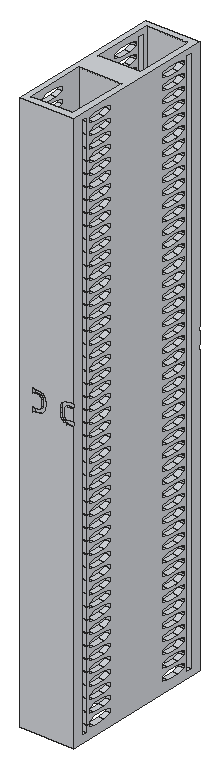
Revit family
Parameters
  Material ID = "760089359"
  Description = "Vertical Cable Management Kit, 8in X 84in (203mm X 2134mm) Double Sided, With Doors, Black"
Reference planes (in)
  plane 1 "Center (Front/Back)": y = 0
  plane 2: z = 0
  plane 3 "Center (Left/Right)": x = 0
Forms (in)
  Extrusion 1, void, not visible
    sketch origin (0, 0, 0) x (1, 0, 0) y (0, 0, 1)
      loop
        line (-7.85662, 0.48089) -> (-7.85662, -0.39002) -> (-7.67285, -0.39002) -> (-7.67285, -0.64002) -> (-7.0736, -0.64002) -> (-7.0736, -0.39002) -> (-6.92978, -0.39002) -> (-6.92978, 0.48089) -> (-7.85662, 0.48089)
    from -3.79215 to 12
  Extrusion 2, void, not visible
    sketch origin (0, 0, 0) x (1, 0, 0) y (0, 0, 1)
      loop
        line (-8.21397, 0.42583) -> (-8.21397, -0.07417) -> (-8.08657, -0.07417) -> (-8.08657, -0.27417) -> (-7.83657, -0.27417) -> (-7.83657, -0.07417) -> (-7.72497, -0.07417) -> (-7.72497, 0.42583) -> (-8.21397, 0.42583)
    from 0.74059 to 3.34334
  Extrusion 3, solid
    sketch origin (0, 0, 0) x (1, 0, 0) y (0, 0, 1)
      loop
        line (-4, 42) -> (-4, -42) -> (4, -42) -> (4, 42) -> (-4, 42)
    from 0 to 23.5
  Extrusion 4, void
    sketch origin (-5.59283, 0, 42) x (0, 1, 0) y (1, 0, 0)
      loop
        line (-1, 2.44283) -> (-1, 8.74283) -> (-10, 8.74283) -> (-10, 2.44283) -> (-1, 2.44283)
      loop
        line (-22.5, 2.44283) -> (-13.5, 2.44283) -> (-13.5, 8.74283) -> (-22.5, 8.74283) -> (-22.5, 2.44283)
    from 0 to 110
  Extrusion 5, void
    sketch origin (4, 0, 20.63333) x (0, 0, 1) y (0, 1, 0)
      loop
        line (-61.63333, -2.51) -> (20.53667, -2.51) -> (20.53667, -1.54) -> (-61.63333, -1.54) -> (-61.63333, -2.51)
      loop
        line (-61.63333, -20.99) -> (-61.63333, -21.96) -> (20.53667, -21.96) -> (20.53667, -20.99) -> (-61.63333, -20.99)
    from 0 to 12
  Extrusion 6, void
    sketch origin (4, 0, 20.63333) x (0, 0, 1) y (0, 1, 0)
      loop
        line (20.18661, -6.98) -> (20.53667, -5.835) -> (20.53667, -4.905) -> (20.53667, -3.975) -> (20.18661, -2.83) -> (19.91167, -2.83) -> (19.91167, -2.2587) -> (19.81167, -2.2587) -> (19.81167, -2.83) -> (19.53673, -2.83) -> (19.18667, -3.975) -> (19.18667, -5.835) -> (19.53673, -6.98) -> (20.18661, -6.98)
      loop
        line (18.43661, -6.98) -> (18.78667, -5.835) -> (18.78667, -4.905) -> (18.78667, -3.975) -> (18.43661, -2.83) -> (18.16167, -2.83) -> (18.16167, -2.2587) -> (18.06167, -2.2587) -> (18.06167, -2.83) -> (17.78673, -2.83) -> (17.43667, -3.975) -> (17.43667, -5.835) -> (17.78673, -6.98) -> (18.43661, -6.98)
      loop
        line (16.68661, -6.98) -> (17.03667, -5.835) -> (17.03667, -4.905) -> (17.03667, -3.975) -> (16.68661, -2.83) -> (16.41167, -2.83) -> (16.41167, -2.2587) -> (16.31167, -2.2587) -> (16.31167, -2.83) -> (16.03673, -2.83) -> (15.68667, -3.975) -> (15.68667, -5.835) -> (16.03673, -6.98) -> (16.68661, -6.98)
      loop
        line (14.93661, -6.98) -> (15.28667, -5.835) -> (15.28667, -4.905) -> (15.28667, -3.975) -> (14.93661, -2.83) -> (14.66167, -2.83) -> (14.66167, -2.2587) -> (14.56167, -2.2587) -> (14.56167, -2.83) -> (14.28673, -2.83) -> (13.93667, -3.975) -> (13.93667, -5.835) -> (14.28673, -6.98) -> (14.93661, -6.98)
      loop
        line (13.18661, -6.98) -> (13.53667, -5.835) -> (13.53667, -4.905) -> (13.53667, -3.975) -> (13.18661, -2.83) -> (12.91167, -2.83) -> (12.91167, -2.2587) -> (12.81167, -2.2587) -> (12.81167, -2.83) -> (12.53673, -2.83) -> (12.18667, -3.975) -> (12.18667, -5.835) -> (12.53673, -6.98) -> (13.18661, -6.98)
      loop
        line (11.43661, -6.98) -> (11.78667, -5.835) -> (11.78667, -4.905) -> (11.78667, -3.975) -> (11.43661, -2.83) -> (11.16167, -2.83) -> (11.16167, -2.2587) -> (11.06167, -2.2587) -> (11.06167, -2.83) -> (10.78673, -2.83) -> (10.43667, -3.975) -> (10.43667, -5.835) -> (10.78673, -6.98) -> (11.43661, -6.98)
      loop
        line (9.68661, -6.98) -> (10.03667, -5.835) -> (10.03667, -4.905) -> (10.03667, -3.975) -> (9.68661, -2.83) -> (9.41167, -2.83) -> (9.41167, -2.2587) -> (9.31167, -2.2587) -> (9.31167, -2.83) -> (9.03673, -2.83) -> (8.68667, -3.975) -> (8.68667, -5.835) -> (9.03673, -6.98) -> (9.68661, -6.98)
      loop
        line (7.93661, -6.98) -> (8.28667, -5.835) -> (8.28667, -4.905) -> (8.28667, -3.975) -> (7.93661, -2.83) -> (7.66167, -2.83) -> (7.66167, -2.2587) -> (7.56167, -2.2587) -> (7.56167, -2.83) -> (7.28673, -2.83) -> (6.93667, -3.975) -> (6.93667, -5.835) -> (7.28673, -6.98) -> (7.93661, -6.98)
      loop
        line (6.18661, -6.98) -> (6.53667, -5.835) -> (6.53667, -4.905) -> (6.53667, -3.975) -> (6.18661, -2.83) -> (5.91167, -2.83) -> (5.91167, -2.2587) -> (5.81167, -2.2587) -> (5.81167, -2.83) -> (5.53673, -2.83) -> (5.18667, -3.975) -> (5.18667, -5.835) -> (5.53673, -6.98) -> (6.18661, -6.98)
      loop
        line (4.43661, -6.98) -> (4.78667, -5.835) -> (4.78667, -4.905) -> (4.78667, -3.975) -> (4.43661, -2.83) -> (4.16167, -2.83) -> (4.16167, -2.2587) -> (4.06167, -2.2587) -> (4.06167, -2.83) -> (3.78673, -2.83) -> (3.43667, -3.975) -> (3.43667, -5.835) -> (3.78673, -6.98) -> (4.43661, -6.98)
      loop
        line (2.68661, -6.98) -> (3.03667, -5.835) -> (3.03667, -4.905) -> (3.03667, -3.975) -> (2.68661, -2.83) -> (2.41167, -2.83) -> (2.41167, -2.2587) -> (2.31167, -2.2587) -> (2.31167, -2.83) -> (2.03673, -2.83) -> (1.68667, -3.975) -> (1.68667, -5.835) -> (2.03673, -6.98) -> (2.68661, -6.98)
      loop
        line (0.93661, -6.98) -> (1.28667, -5.835) -> (1.28667, -4.905) -> (1.28667, -3.975) -> (0.93661, -2.83) -> (0.66167, -2.83) -> (0.66167, -2.2587) -> (0.56167, -2.2587) -> (0.56167, -2.83) -> (0.28673, -2.83) -> (-0.06333, -3.975) -> (-0.06333, -5.835) -> (0.28673, -6.98) -> (0.93661, -6.98)
      loop
        line (-0.81339, -6.98) -> (-0.46333, -5.835) -> (-0.46333, -4.905) -> (-0.46333, -3.975) -> (-0.81339, -2.83) -> (-1.08833, -2.83) -> (-1.08833, -2.2587) -> (-1.18833, -2.2587) -> (-1.18833, -2.83) -> (-1.46327, -2.83) -> (-1.81333, -3.975) -> (-1.81333, -5.835) -> (-1.46327, -6.98) -> (-0.81339, -6.98)
      loop
        line (-2.56339, -6.98) -> (-2.21333, -5.835) -> (-2.21333, -4.905) -> (-2.21333, -3.975) -> (-2.56339, -2.83) -> (-2.83833, -2.83) -> (-2.83833, -2.2587) -> (-2.93833, -2.2587) -> (-2.93833, -2.83) -> (-3.21327, -2.83) -> (-3.56333, -3.975) -> (-3.56333, -5.835) -> (-3.21327, -6.98) -> (-2.56339, -6.98)
      loop
        line (-4.31339, -6.98) -> (-3.96333, -5.835) -> (-3.96333, -4.905) -> (-3.96333, -3.975) -> (-4.31339, -2.83) -> (-4.58833, -2.83) -> (-4.58833, -2.2587) -> (-4.68833, -2.2587) -> (-4.68833, -2.83) -> (-4.96327, -2.83) -> (-5.31333, -3.975) -> (-5.31333, -5.835) -> (-4.96327, -6.98) -> (-4.31339, -6.98)
      loop
        line (-6.06339, -6.98) -> (-5.71333, -5.835) -> (-5.71333, -4.905) -> (-5.71333, -3.975) -> (-6.06339, -2.83) -> (-6.33833, -2.83) -> (-6.33833, -2.2587) -> (-6.43833, -2.2587) -> (-6.43833, -2.83) -> (-6.71327, -2.83) -> (-7.06333, -3.975) -> (-7.06333, -5.835) -> (-6.71327, -6.98) -> (-6.06339, -6.98)
      loop
        line (-7.81339, -6.98) -> (-7.46333, -5.835) -> (-7.46333, -4.905) -> (-7.46333, -3.975) -> (-7.81339, -2.83) -> (-8.08833, -2.83) -> (-8.08833, -2.2587) -> (-8.18833, -2.2587) -> (-8.18833, -2.83) -> (-8.46327, -2.83) -> (-8.81333, -3.975) -> (-8.81333, -5.835) -> (-8.46327, -6.98) -> (-7.81339, -6.98)
      loop
        line (-9.56339, -6.98) -> (-9.21333, -5.835) -> (-9.21333, -4.905) -> (-9.21333, -3.975) -> (-9.56339, -2.83) -> (-9.83833, -2.83) -> (-9.83833, -2.2587) -> (-9.93833, -2.2587) -> (-9.93833, -2.83) -> (-10.21327, -2.83) -> (-10.56333, -3.975) -> (-10.56333, -5.835) -> (-10.21327, -6.98) -> (-9.56339, -6.98)
      loop
        line (-11.31339, -6.98) -> (-10.96333, -5.835) -> (-10.96333, -4.905) -> (-10.96333, -3.975) -> (-11.31339, -2.83) -> (-11.58833, -2.83) -> (-11.58833, -2.2587) -> (-11.68833, -2.2587) -> (-11.68833, -2.83) -> (-11.96327, -2.83) -> (-12.31333, -3.975) -> (-12.31333, -5.835) -> (-11.96327, -6.98) -> (-11.31339, -6.98)
      loop
        line (-13.06339, -6.98) -> (-12.71333, -5.835) -> (-12.71333, -4.905) -> (-12.71333, -3.975) -> (-13.06339, -2.83) -> (-13.33833, -2.83) -> (-13.33833, -2.2587) -> (-13.43833, -2.2587) -> (-13.43833, -2.83) -> (-13.71327, -2.83) -> (-14.06333, -3.975) -> (-14.06333, -5.835) -> (-13.71327, -6.98) -> (-13.06339, -6.98)
      loop
        line (-14.81339, -6.98) -> (-14.46333, -5.835) -> (-14.46333, -4.905) -> (-14.46333, -3.975) -> (-14.81339, -2.83) -> (-15.08833, -2.83) -> (-15.08833, -2.2587) -> (-15.18833, -2.2587) -> (-15.18833, -2.83) -> (-15.46327, -2.83) -> (-15.81333, -3.975) -> (-15.81333, -5.835) -> (-15.46327, -6.98) -> (-14.81339, -6.98)
      loop
        line (-16.56339, -6.98) -> (-16.21333, -5.835) -> (-16.21333, -4.905) -> (-16.21333, -3.975) -> (-16.56339, -2.83) -> (-16.83833, -2.83) -> (-16.83833, -2.2587) -> (-16.93833, -2.2587) -> (-16.93833, -2.83) -> (-17.21327, -2.83) -> (-17.56333, -3.975) -> (-17.56333, -5.835) -> (-17.21327, -6.98) -> (-16.56339, -6.98)
      loop
        line (-18.31339, -6.98) -> (-17.96333, -5.835) -> (-17.96333, -4.905) -> (-17.96333, -3.975) -> (-18.31339, -2.83) -> (-18.58833, -2.83) -> (-18.58833, -2.2587) -> (-18.68833, -2.2587) -> (-18.68833, -2.83) -> (-18.96327, -2.83) -> (-19.31333, -3.975) -> (-19.31333, -5.835) -> (-18.96327, -6.98) -> (-18.31339, -6.98)
      loop
        line (-20.06339, -6.98) -> (-19.71333, -5.835) -> (-19.71333, -4.905) -> (-19.71333, -3.975) -> (-20.06339, -2.83) -> (-20.33833, -2.83) -> (-20.33833, -2.2587) -> (-20.43833, -2.2587) -> (-20.43833, -2.83) -> (-20.71327, -2.83) -> (-21.06333, -3.975) -> (-21.06333, -5.835) -> (-20.71327, -6.98) -> (-20.06339, -6.98)
      loop
        line (-21.81339, -6.98) -> (-21.46333, -5.835) -> (-21.46333, -4.905) -> (-21.46333, -3.975) -> (-21.81339, -2.83) -> (-22.08833, -2.83) -> (-22.08833, -2.2587) -> (-22.18833, -2.2587) -> (-22.18833, -2.83) -> (-22.46327, -2.83) -> (-22.81333, -3.975) -> (-22.81333, -5.835) -> (-22.46327, -6.98) -> (-21.81339, -6.98)
      loop
        line (-23.56339, -6.98) -> (-23.21333, -5.835) -> (-23.21333, -4.905) -> (-23.21333, -3.975) -> (-23.56339, -2.83) -> (-23.83833, -2.83) -> (-23.83833, -2.2587) -> (-23.93833, -2.2587) -> (-23.93833, -2.83) -> (-24.21327, -2.83) -> (-24.56333, -3.975) -> (-24.56333, -5.835) -> (-24.21327, -6.98) -> (-23.56339, -6.98)
      loop
        line (-25.31339, -6.98) -> (-24.96333, -5.835) -> (-24.96333, -4.905) -> (-24.96333, -3.975) -> (-25.31339, -2.83) -> (-25.58833, -2.83) -> (-25.58833, -2.2587) -> (-25.68833, -2.2587) -> (-25.68833, -2.83) -> (-25.96327, -2.83) -> (-26.31333, -3.975) -> (-26.31333, -5.835) -> (-25.96327, -6.98) -> (-25.31339, -6.98)
      loop
        line (-27.06339, -6.98) -> (-26.71333, -5.835) -> (-26.71333, -4.905) -> (-26.71333, -3.975) -> (-27.06339, -2.83) -> (-27.33833, -2.83) -> (-27.33833, -2.2587) -> (-27.43833, -2.2587) -> (-27.43833, -2.83) -> (-27.71327, -2.83) -> (-28.06333, -3.975) -> (-28.06333, -5.835) -> (-27.71327, -6.98) -> (-27.06339, -6.98)
      loop
        line (-28.81339, -6.98) -> (-28.46333, -5.835) -> (-28.46333, -4.905) -> (-28.46333, -3.975) -> (-28.81339, -2.83) -> (-29.08833, -2.83) -> (-29.08833, -2.2587) -> (-29.18833, -2.2587) -> (-29.18833, -2.83) -> (-29.46327, -2.83) -> (-29.81333, -3.975) -> (-29.81333, -5.835) -> (-29.46327, -6.98) -> (-28.81339, -6.98)
      loop
        line (-30.56339, -6.98) -> (-30.21333, -5.835) -> (-30.21333, -4.905) -> (-30.21333, -3.975) -> (-30.56339, -2.83) -> (-30.83833, -2.83) -> (-30.83833, -2.2587) -> (-30.93833, -2.2587) -> (-30.93833, -2.83) -> (-31.21327, -2.83) -> (-31.56333, -3.975) -> (-31.56333, -5.835) -> (-31.21327, -6.98) -> (-30.56339, -6.98)
      loop
        line (-32.31339, -6.98) -> (-31.96333, -5.835) -> (-31.96333, -4.905) -> (-31.96333, -3.975) -> (-32.31339, -2.83) -> (-32.58833, -2.83) -> (-32.58833, -2.2587) -> (-32.68833, -2.2587) -> (-32.68833, -2.83) -> (-32.96327, -2.83) -> (-33.31333, -3.975) -> (-33.31333, -5.835) -> (-32.96327, -6.98) -> (-32.31339, -6.98)
      loop
        line (-34.06339, -6.98) -> (-33.71333, -5.835) -> (-33.71333, -4.905) -> (-33.71333, -3.975) -> (-34.06339, -2.83) -> (-34.33833, -2.83) -> (-34.33833, -2.2587) -> (-34.43833, -2.2587) -> (-34.43833, -2.83) -> (-34.71327, -2.83) -> (-35.06333, -3.975) -> (-35.06333, -5.835) -> (-34.71327, -6.98) -> (-34.06339, -6.98)
      loop
        line (-35.81339, -6.98) -> (-35.46333, -5.835) -> (-35.46333, -4.905) -> (-35.46333, -3.975) -> (-35.81339, -2.83) -> (-36.08833, -2.83) -> (-36.08833, -2.2587) -> (-36.18833, -2.2587) -> (-36.18833, -2.83) -> (-36.46327, -2.83) -> (-36.81333, -3.975) -> (-36.81333, -5.835) -> (-36.46327, -6.98) -> (-35.81339, -6.98)
      loop
        line (-37.56339, -6.98) -> (-37.21333, -5.835) -> (-37.21333, -4.905) -> (-37.21333, -3.975) -> (-37.56339, -2.83) -> (-37.83833, -2.83) -> (-37.83833, -2.2587) -> (-37.93833, -2.2587) -> (-37.93833, -2.83) -> (-38.21327, -2.83) -> (-38.56333, -3.975) -> (-38.56333, -5.835) -> (-38.21327, -6.98) -> (-37.56339, -6.98)
      loop
        line (-39.31339, -6.98) -> (-38.96333, -5.835) -> (-38.96333, -4.905) -> (-38.96333, -3.975) -> (-39.31339, -2.83) -> (-39.58833, -2.83) -> (-39.58833, -2.2587) -> (-39.68833, -2.2587) -> (-39.68833, -2.83) -> (-39.96327, -2.83) -> (-40.31333, -3.975) -> (-40.31333, -5.835) -> (-39.96327, -6.98) -> (-39.31339, -6.98)
      loop
        line (-41.06339, -6.98) -> (-40.71333, -5.835) -> (-40.71333, -4.905) -> (-40.71333, -3.975) -> (-41.06339, -2.83) -> (-41.33833, -2.83) -> (-41.33833, -2.2587) -> (-41.43833, -2.2587) -> (-41.43833, -2.83) -> (-41.71327, -2.83) -> (-42.06333, -3.975) -> (-42.06333, -5.835) -> (-41.71327, -6.98) -> (-41.06339, -6.98)
      loop
        line (-42.81339, -6.98) -> (-42.46333, -5.835) -> (-42.46333, -4.905) -> (-42.46333, -3.975) -> (-42.81339, -2.83) -> (-43.08833, -2.83) -> (-43.08833, -2.2587) -> (-43.18833, -2.2587) -> (-43.18833, -2.83) -> (-43.46327, -2.83) -> (-43.81333, -3.975) -> (-43.81333, -5.835) -> (-43.46327, -6.98) -> (-42.81339, -6.98)
      loop
        line (-44.56339, -6.98) -> (-44.21333, -5.835) -> (-44.21333, -4.905) -> (-44.21333, -3.975) -> (-44.56339, -2.83) -> (-44.83833, -2.83) -> (-44.83833, -2.2587) -> (-44.93833, -2.2587) -> (-44.93833, -2.83) -> (-45.21327, -2.83) -> (-45.56333, -3.975) -> (-45.56333, -5.835) -> (-45.21327, -6.98) -> (-44.56339, -6.98)
      loop
        line (-46.31339, -6.98) -> (-45.96333, -5.835) -> (-45.96333, -4.905) -> (-45.96333, -3.975) -> (-46.31339, -2.83) -> (-46.58833, -2.83) -> (-46.58833, -2.2587) -> (-46.68833, -2.2587) -> (-46.68833, -2.83) -> (-46.96327, -2.83) -> (-47.31333, -3.975) -> (-47.31333, -5.835) -> (-46.96327, -6.98) -> (-46.31339, -6.98)
      loop
        line (-48.06339, -6.98) -> (-47.71333, -5.835) -> (-47.71333, -4.905) -> (-47.71333, -3.975) -> (-48.06339, -2.83) -> (-48.33833, -2.83) -> (-48.33833, -2.2587) -> (-48.43833, -2.2587) -> (-48.43833, -2.83) -> (-48.71327, -2.83) -> (-49.06333, -3.975) -> (-49.06333, -5.835) -> (-48.71327, -6.98) -> (-48.06339, -6.98)
      loop
        line (-49.81339, -6.98) -> (-49.46333, -5.835) -> (-49.46333, -4.905) -> (-49.46333, -3.975) -> (-49.81339, -2.83) -> (-50.08833, -2.83) -> (-50.08833, -2.2587) -> (-50.18833, -2.2587) -> (-50.18833, -2.83) -> (-50.46327, -2.83) -> (-50.81333, -3.975) -> (-50.81333, -5.835) -> (-50.46327, -6.98) -> (-49.81339, -6.98)
      loop
        line (-51.56339, -6.98) -> (-51.21333, -5.835) -> (-51.21333, -4.905) -> (-51.21333, -3.975) -> (-51.56339, -2.83) -> (-51.83833, -2.83) -> (-51.83833, -2.2587) -> (-51.93833, -2.2587) -> (-51.93833, -2.83) -> (-52.21327, -2.83) -> (-52.56333, -3.975) -> (-52.56333, -5.835) -> (-52.21327, -6.98) -> (-51.56339, -6.98)
      loop
        line (-53.31339, -6.98) -> (-52.96333, -5.835) -> (-52.96333, -4.905) -> (-52.96333, -3.975) -> (-53.31339, -2.83) -> (-53.58833, -2.83) -> (-53.58833, -2.2587) -> (-53.68833, -2.2587) -> (-53.68833, -2.83) -> (-53.96327, -2.83) -> (-54.31333, -3.975) -> (-54.31333, -5.835) -> (-53.96327, -6.98) -> (-53.31339, -6.98)
      loop
        line (-55.06339, -6.98) -> (-54.71333, -5.835) -> (-54.71333, -4.905) -> (-54.71333, -3.975) -> (-55.06339, -2.83) -> (-55.33833, -2.83) -> (-55.33833, -2.2587) -> (-55.43833, -2.2587) -> (-55.43833, -2.83) -> (-55.71327, -2.83) -> (-56.06333, -3.975) -> (-56.06333, -5.835) -> (-55.71327, -6.98) -> (-55.06339, -6.98)
      loop
        line (-56.81339, -6.98) -> (-56.46333, -5.835) -> (-56.46333, -4.905) -> (-56.46333, -3.975) -> (-56.81339, -2.83) -> (-57.08833, -2.83) -> (-57.08833, -2.2587) -> (-57.18833, -2.2587) -> (-57.18833, -2.83) -> (-57.46327, -2.83) -> (-57.81333, -3.975) -> (-57.81333, -5.835) -> (-57.46327, -6.98) -> (-56.81339, -6.98)
      loop
        line (-58.56339, -6.98) -> (-58.21333, -5.835) -> (-58.21333, -4.905) -> (-58.21333, -3.975) -> (-58.56339, -2.83) -> (-58.83833, -2.83) -> (-58.83833, -2.2587) -> (-58.93833, -2.2587) -> (-58.93833, -2.83) -> (-59.21327, -2.83) -> (-59.56333, -3.975) -> (-59.56333, -5.835) -> (-59.21327, -6.98) -> (-58.56339, -6.98)
      loop
        line (-60.31339, -6.98) -> (-59.96333, -5.835) -> (-59.96333, -4.905) -> (-59.96333, -3.975) -> (-60.31339, -2.83) -> (-60.58833, -2.83) -> (-60.58833, -2.2587) -> (-60.68833, -2.2587) -> (-60.68833, -2.83) -> (-60.96327, -2.83) -> (-61.31333, -3.975) -> (-61.31333, -5.835) -> (-60.96327, -6.98) -> (-60.31339, -6.98)
      loop
        line (20.18661, -16.52) -> (19.53673, -16.52) -> (19.18667, -17.665) -> (19.18667, -19.525) -> (19.53673, -20.67) -> (19.81167, -20.67) -> (19.81167, -21.2413) -> (19.91167, -21.2413) -> (19.91167, -20.67) -> (20.18661, -20.67) -> (20.53667, -19.525) -> (20.53667, -18.595) -> (20.53667, -17.665) -> (20.18661, -16.52)
      loop
        line (18.43661, -16.52) -> (17.78673, -16.52) -> (17.43667, -17.665) -> (17.43667, -19.525) -> (17.78673, -20.67) -> (18.06167, -20.67) -> (18.06167, -21.2413) -> (18.16167, -21.2413) -> (18.16167, -20.67) -> (18.43661, -20.67) -> (18.78667, -19.525) -> (18.78667, -18.595) -> (18.78667, -17.665) -> (18.43661, -16.52)
      loop
        line (16.68661, -16.52) -> (16.03673, -16.52) -> (15.68667, -17.665) -> (15.68667, -19.525) -> (16.03673, -20.67) -> (16.31167, -20.67) -> (16.31167, -21.2413) -> (16.41167, -21.2413) -> (16.41167, -20.67) -> (16.68661, -20.67) -> (17.03667, -19.525) -> (17.03667, -18.595) -> (17.03667, -17.665) -> (16.68661, -16.52)
      loop
        line (14.93661, -16.52) -> (14.28673, -16.52) -> (13.93667, -17.665) -> (13.93667, -19.525) -> (14.28673, -20.67) -> (14.56167, -20.67) -> (14.56167, -21.2413) -> (14.66167, -21.2413) -> (14.66167, -20.67) -> (14.93661, -20.67) -> (15.28667, -19.525) -> (15.28667, -18.595) -> (15.28667, -17.665) -> (14.93661, -16.52)
      loop
        line (13.18661, -16.52) -> (12.53673, -16.52) -> (12.18667, -17.665) -> (12.18667, -19.525) -> (12.53673, -20.67) -> (12.81167, -20.67) -> (12.81167, -21.2413) -> (12.91167, -21.2413) -> (12.91167, -20.67) -> (13.18661, -20.67) -> (13.53667, -19.525) -> (13.53667, -18.595) -> (13.53667, -17.665) -> (13.18661, -16.52)
      loop
        line (11.43661, -16.52) -> (10.78673, -16.52) -> (10.43667, -17.665) -> (10.43667, -19.525) -> (10.78673, -20.67) -> (11.06167, -20.67) -> (11.06167, -21.2413) -> (11.16167, -21.2413) -> (11.16167, -20.67) -> (11.43661, -20.67) -> (11.78667, -19.525) -> (11.78667, -18.595) -> (11.78667, -17.665) -> (11.43661, -16.52)
      loop
        line (9.68661, -16.52) -> (9.03673, -16.52) -> (8.68667, -17.665) -> (8.68667, -19.525) -> (9.03673, -20.67) -> (9.31167, -20.67) -> (9.31167, -21.2413) -> (9.41167, -21.2413) -> (9.41167, -20.67) -> (9.68661, -20.67) -> (10.03667, -19.525) -> (10.03667, -18.595) -> (10.03667, -17.665) -> (9.68661, -16.52)
      loop
        line (7.93661, -16.52) -> (7.28673, -16.52) -> (6.93667, -17.665) -> (6.93667, -19.525) -> (7.28673, -20.67) -> (7.56167, -20.67) -> (7.56167, -21.2413) -> (7.66167, -21.2413) -> (7.66167, -20.67) -> (7.93661, -20.67) -> (8.28667, -19.525) -> (8.28667, -18.595) -> (8.28667, -17.665) -> (7.93661, -16.52)
      loop
        line (6.18661, -16.52) -> (5.53673, -16.52) -> (5.18667, -17.665) -> (5.18667, -19.525) -> (5.53673, -20.67) -> (5.81167, -20.67) -> (5.81167, -21.2413) -> (5.91167, -21.2413) -> (5.91167, -20.67) -> (6.18661, -20.67) -> (6.53667, -19.525) -> (6.53667, -18.595) -> (6.53667, -17.665) -> (6.18661, -16.52)
      loop
        line (4.43661, -16.52) -> (3.78673, -16.52) -> (3.43667, -17.665) -> (3.43667, -19.525) -> (3.78673, -20.67) -> (4.06167, -20.67) -> (4.06167, -21.2413) -> (4.16167, -21.2413) -> (4.16167, -20.67) -> (4.43661, -20.67) -> (4.78667, -19.525) -> (4.78667, -18.595) -> (4.78667, -17.665) -> (4.43661, -16.52)
      loop
        line (2.68661, -16.52) -> (2.03673, -16.52) -> (1.68667, -17.665) -> (1.68667, -19.525) -> (2.03673, -20.67) -> (2.31167, -20.67) -> (2.31167, -21.2413) -> (2.41167, -21.2413) -> (2.41167, -20.67) -> (2.68661, -20.67) -> (3.03667, -19.525) -> (3.03667, -18.595) -> (3.03667, -17.665) -> (2.68661, -16.52)
      loop
        line (0.93661, -16.52) -> (0.28673, -16.52) -> (-0.06333, -17.665) -> (-0.06333, -19.525) -> (0.28673, -20.67) -> (0.56167, -20.67) -> (0.56167, -21.2413) -> (0.66167, -21.2413) -> (0.66167, -20.67) -> (0.93661, -20.67) -> (1.28667, -19.525) -> (1.28667, -18.595) -> (1.28667, -17.665) -> (0.93661, -16.52)
      loop
        line (-0.81339, -16.52) -> (-1.46327, -16.52) -> (-1.81333, -17.665) -> (-1.81333, -19.525) -> (-1.46327, -20.67) -> (-1.18833, -20.67) -> (-1.18833, -21.2413) -> (-1.08833, -21.2413) -> (-1.08833, -20.67) -> (-0.81339, -20.67) -> (-0.46333, -19.525) -> (-0.46333, -18.595) -> (-0.46333, -17.665) -> (-0.81339, -16.52)
      loop
        line (-2.56339, -16.52) -> (-3.21327, -16.52) -> (-3.56333, -17.665) -> (-3.56333, -19.525) -> (-3.21327, -20.67) -> (-2.93833, -20.67) -> (-2.93833, -21.2413) -> (-2.83833, -21.2413) -> (-2.83833, -20.67) -> (-2.56339, -20.67) -> (-2.21333, -19.525) -> (-2.21333, -18.595) -> (-2.21333, -17.665) -> (-2.56339, -16.52)
      loop
        line (-4.31339, -16.52) -> (-4.96327, -16.52) -> (-5.31333, -17.665) -> (-5.31333, -19.525) -> (-4.96327, -20.67) -> (-4.68833, -20.67) -> (-4.68833, -21.2413) -> (-4.58833, -21.2413) -> (-4.58833, -20.67) -> (-4.31339, -20.67) -> (-3.96333, -19.525) -> (-3.96333, -18.595) -> (-3.96333, -17.665) -> (-4.31339, -16.52)
      loop
        line (-6.06339, -16.52) -> (-6.71327, -16.52) -> (-7.06333, -17.665) -> (-7.06333, -19.525) -> (-6.71327, -20.67) -> (-6.43833, -20.67) -> (-6.43833, -21.2413) -> (-6.33833, -21.2413) -> (-6.33833, -20.67) -> (-6.06339, -20.67) -> (-5.71333, -19.525) -> (-5.71333, -18.595) -> (-5.71333, -17.665) -> (-6.06339, -16.52)
      loop
        line (-7.81339, -16.52) -> (-8.46327, -16.52) -> (-8.81333, -17.665) -> (-8.81333, -19.525) -> (-8.46327, -20.67) -> (-8.18833, -20.67) -> (-8.18833, -21.2413) -> (-8.08833, -21.2413) -> (-8.08833, -20.67) -> (-7.81339, -20.67) -> (-7.46333, -19.525) -> (-7.46333, -18.595) -> (-7.46333, -17.665) -> (-7.81339, -16.52)
      loop
        line (-9.56339, -16.52) -> (-10.21327, -16.52) -> (-10.56333, -17.665) -> (-10.56333, -19.525) -> (-10.21327, -20.67) -> (-9.93833, -20.67) -> (-9.93833, -21.2413) -> (-9.83833, -21.2413) -> (-9.83833, -20.67) -> (-9.56339, -20.67) -> (-9.21333, -19.525) -> (-9.21333, -18.595) -> (-9.21333, -17.665) -> (-9.56339, -16.52)
      loop
        line (-11.31339, -16.52) -> (-11.96327, -16.52) -> (-12.31333, -17.665) -> (-12.31333, -19.525) -> (-11.96327, -20.67) -> (-11.68833, -20.67) -> (-11.68833, -21.2413) -> (-11.58833, -21.2413) -> (-11.58833, -20.67) -> (-11.31339, -20.67) -> (-10.96333, -19.525) -> (-10.96333, -18.595) -> (-10.96333, -17.665) -> (-11.31339, -16.52)
      loop
        line (-13.06339, -16.52) -> (-13.71327, -16.52) -> (-14.06333, -17.665) -> (-14.06333, -19.525) -> (-13.71327, -20.67) -> (-13.43833, -20.67) -> (-13.43833, -21.2413) -> (-13.33833, -21.2413) -> (-13.33833, -20.67) -> (-13.06339, -20.67) -> (-12.71333, -19.525) -> (-12.71333, -18.595) -> (-12.71333, -17.665) -> (-13.06339, -16.52)
      loop
        line (-14.81339, -16.52) -> (-15.46327, -16.52) -> (-15.81333, -17.665) -> (-15.81333, -19.525) -> (-15.46327, -20.67) -> (-15.18833, -20.67) -> (-15.18833, -21.2413) -> (-15.08833, -21.2413) -> (-15.08833, -20.67) -> (-14.81339, -20.67) -> (-14.46333, -19.525) -> (-14.46333, -18.595) -> (-14.46333, -17.665) -> (-14.81339, -16.52)
      loop
        line (-16.56339, -16.52) -> (-17.21327, -16.52) -> (-17.56333, -17.665) -> (-17.56333, -19.525) -> (-17.21327, -20.67) -> (-16.93833, -20.67) -> (-16.93833, -21.2413) -> (-16.83833, -21.2413) -> (-16.83833, -20.67) -> (-16.56339, -20.67) -> (-16.21333, -19.525) -> (-16.21333, -18.595) -> (-16.21333, -17.665) -> (-16.56339, -16.52)
      loop
        line (-18.31339, -16.52) -> (-18.96327, -16.52) -> (-19.31333, -17.665) -> (-19.31333, -19.525) -> (-18.96327, -20.67) -> (-18.68833, -20.67) -> (-18.68833, -21.2413) -> (-18.58833, -21.2413) -> (-18.58833, -20.67) -> (-18.31339, -20.67) -> (-17.96333, -19.525) -> (-17.96333, -18.595) -> (-17.96333, -17.665) -> (-18.31339, -16.52)
      loop
        line (-20.06339, -16.52) -> (-20.71327, -16.52) -> (-21.06333, -17.665) -> (-21.06333, -19.525) -> (-20.71327, -20.67) -> (-20.43833, -20.67) -> (-20.43833, -21.2413) -> (-20.33833, -21.2413) -> (-20.33833, -20.67) -> (-20.06339, -20.67) -> (-19.71333, -19.525) -> (-19.71333, -18.595) -> (-19.71333, -17.665) -> (-20.06339, -16.52)
      loop
        line (-21.81339, -16.52) -> (-22.46327, -16.52) -> (-22.81333, -17.665) -> (-22.81333, -19.525) -> (-22.46327, -20.67) -> (-22.18833, -20.67) -> (-22.18833, -21.2413) -> (-22.08833, -21.2413) -> (-22.08833, -20.67) -> (-21.81339, -20.67) -> (-21.46333, -19.525) -> (-21.46333, -18.595) -> (-21.46333, -17.665) -> (-21.81339, -16.52)
      loop
        line (-23.56339, -16.52) -> (-24.21327, -16.52) -> (-24.56333, -17.665) -> (-24.56333, -19.525) -> (-24.21327, -20.67) -> (-23.93833, -20.67) -> (-23.93833, -21.2413) -> (-23.83833, -21.2413) -> (-23.83833, -20.67) -> (-23.56339, -20.67) -> (-23.21333, -19.525) -> (-23.21333, -18.595) -> (-23.21333, -17.665) -> (-23.56339, -16.52)
      loop
        line (-25.31339, -16.52) -> (-25.96327, -16.52) -> (-26.31333, -17.665) -> (-26.31333, -19.525) -> (-25.96327, -20.67) -> (-25.68833, -20.67) -> (-25.68833, -21.2413) -> (-25.58833, -21.2413) -> (-25.58833, -20.67) -> (-25.31339, -20.67) -> (-24.96333, -19.525) -> (-24.96333, -18.595) -> (-24.96333, -17.665) -> (-25.31339, -16.52)
      loop
        line (-27.06339, -16.52) -> (-27.71327, -16.52) -> (-28.06333, -17.665) -> (-28.06333, -19.525) -> (-27.71327, -20.67) -> (-27.43833, -20.67) -> (-27.43833, -21.2413) -> (-27.33833, -21.2413) -> (-27.33833, -20.67) -> (-27.06339, -20.67) -> (-26.71333, -19.525) -> (-26.71333, -18.595) -> (-26.71333, -17.665) -> (-27.06339, -16.52)
      loop
        line (-28.81339, -16.52) -> (-29.46327, -16.52) -> (-29.81333, -17.665) -> (-29.81333, -19.525) -> (-29.46327, -20.67) -> (-29.18833, -20.67) -> (-29.18833, -21.2413) -> (-29.08833, -21.2413) -> (-29.08833, -20.67) -> (-28.81339, -20.67) -> (-28.46333, -19.525) -> (-28.46333, -18.595) -> (-28.46333, -17.665) -> (-28.81339, -16.52)
      loop
        line (-30.56339, -16.52) -> (-31.21327, -16.52) -> (-31.56333, -17.665) -> (-31.56333, -19.525) -> (-31.21327, -20.67) -> (-30.93833, -20.67) -> (-30.93833, -21.2413) -> (-30.83833, -21.2413) -> (-30.83833, -20.67) -> (-30.56339, -20.67) -> (-30.21333, -19.525) -> (-30.21333, -18.595) -> (-30.21333, -17.665) -> (-30.56339, -16.52)
      loop
        line (-32.31339, -16.52) -> (-32.96327, -16.52) -> (-33.31333, -17.665) -> (-33.31333, -19.525) -> (-32.96327, -20.67) -> (-32.68833, -20.67) -> (-32.68833, -21.2413) -> (-32.58833, -21.2413) -> (-32.58833, -20.67) -> (-32.31339, -20.67) -> (-31.96333, -19.525) -> (-31.96333, -18.595) -> (-31.96333, -17.665) -> (-32.31339, -16.52)
      loop
        line (-34.06339, -16.52) -> (-34.71327, -16.52) -> (-35.06333, -17.665) -> (-35.06333, -19.525) -> (-34.71327, -20.67) -> (-34.43833, -20.67) -> (-34.43833, -21.2413) -> (-34.33833, -21.2413) -> (-34.33833, -20.67) -> (-34.06339, -20.67) -> (-33.71333, -19.525) -> (-33.71333, -18.595) -> (-33.71333, -17.665) -> (-34.06339, -16.52)
      loop
        line (-35.81339, -16.52) -> (-36.46327, -16.52) -> (-36.81333, -17.665) -> (-36.81333, -19.525) -> (-36.46327, -20.67) -> (-36.18833, -20.67) -> (-36.18833, -21.2413) -> (-36.08833, -21.2413) -> (-36.08833, -20.67) -> (-35.81339, -20.67) -> (-35.46333, -19.525) -> (-35.46333, -18.595) -> (-35.46333, -17.665) -> (-35.81339, -16.52)
      loop
        line (-37.56339, -16.52) -> (-38.21327, -16.52) -> (-38.56333, -17.665) -> (-38.56333, -19.525) -> (-38.21327, -20.67) -> (-37.93833, -20.67) -> (-37.93833, -21.2413) -> (-37.83833, -21.2413) -> (-37.83833, -20.67) -> (-37.56339, -20.67) -> (-37.21333, -19.525) -> (-37.21333, -18.595) -> (-37.21333, -17.665) -> (-37.56339, -16.52)
      loop
        line (-39.31339, -16.52) -> (-39.96327, -16.52) -> (-40.31333, -17.665) -> (-40.31333, -19.525) -> (-39.96327, -20.67) -> (-39.68833, -20.67) -> (-39.68833, -21.2413) -> (-39.58833, -21.2413) -> (-39.58833, -20.67) -> (-39.31339, -20.67) -> (-38.96333, -19.525) -> (-38.96333, -18.595) -> (-38.96333, -17.665) -> (-39.31339, -16.52)
      loop
        line (-41.06339, -16.52) -> (-41.71327, -16.52) -> (-42.06333, -17.665) -> (-42.06333, -19.525) -> (-41.71327, -20.67) -> (-41.43833, -20.67) -> (-41.43833, -21.2413) -> (-41.33833, -21.2413) -> (-41.33833, -20.67) -> (-41.06339, -20.67) -> (-40.71333, -19.525) -> (-40.71333, -18.595) -> (-40.71333, -17.665) -> (-41.06339, -16.52)
      loop
        line (-42.81339, -16.52) -> (-43.46327, -16.52) -> (-43.81333, -17.665) -> (-43.81333, -19.525) -> (-43.46327, -20.67) -> (-43.18833, -20.67) -> (-43.18833, -21.2413) -> (-43.08833, -21.2413) -> (-43.08833, -20.67) -> (-42.81339, -20.67) -> (-42.46333, -19.525) -> (-42.46333, -18.595) -> (-42.46333, -17.665) -> (-42.81339, -16.52)
      loop
        line (-44.56339, -16.52) -> (-45.21327, -16.52) -> (-45.56333, -17.665) -> (-45.56333, -19.525) -> (-45.21327, -20.67) -> (-44.93833, -20.67) -> (-44.93833, -21.2413) -> (-44.83833, -21.2413) -> (-44.83833, -20.67) -> (-44.56339, -20.67) -> (-44.21333, -19.525) -> (-44.21333, -18.595) -> (-44.21333, -17.665) -> (-44.56339, -16.52)
      loop
        line (-46.31339, -16.52) -> (-46.96327, -16.52) -> (-47.31333, -17.665) -> (-47.31333, -19.525) -> (-46.96327, -20.67) -> (-46.68833, -20.67) -> (-46.68833, -21.2413) -> (-46.58833, -21.2413) -> (-46.58833, -20.67) -> (-46.31339, -20.67) -> (-45.96333, -19.525) -> (-45.96333, -18.595) -> (-45.96333, -17.665) -> (-46.31339, -16.52)
      loop
        line (-48.06339, -16.52) -> (-48.71327, -16.52) -> (-49.06333, -17.665) -> (-49.06333, -19.525) -> (-48.71327, -20.67) -> (-48.43833, -20.67) -> (-48.43833, -21.2413) -> (-48.33833, -21.2413) -> (-48.33833, -20.67) -> (-48.06339, -20.67) -> (-47.71333, -19.525) -> (-47.71333, -18.595) -> (-47.71333, -17.665) -> (-48.06339, -16.52)
      loop
        line (-49.81339, -16.52) -> (-50.46327, -16.52) -> (-50.81333, -17.665) -> (-50.81333, -19.525) -> (-50.46327, -20.67) -> (-50.18833, -20.67) -> (-50.18833, -21.2413) -> (-50.08833, -21.2413) -> (-50.08833, -20.67) -> (-49.81339, -20.67) -> (-49.46333, -19.525) -> (-49.46333, -18.595) -> (-49.46333, -17.665) -> (-49.81339, -16.52)
      loop
        line (-51.56339, -16.52) -> (-52.21327, -16.52) -> (-52.56333, -17.665) -> (-52.56333, -19.525) -> (-52.21327, -20.67) -> (-51.93833, -20.67) -> (-51.93833, -21.2413) -> (-51.83833, -21.2413) -> (-51.83833, -20.67) -> (-51.56339, -20.67) -> (-51.21333, -19.525) -> (-51.21333, -18.595) -> (-51.21333, -17.665) -> (-51.56339, -16.52)
      loop
        line (-53.31339, -16.52) -> (-53.96327, -16.52) -> (-54.31333, -17.665) -> (-54.31333, -19.525) -> (-53.96327, -20.67) -> (-53.68833, -20.67) -> (-53.68833, -21.2413) -> (-53.58833, -21.2413) -> (-53.58833, -20.67) -> (-53.31339, -20.67) -> (-52.96333, -19.525) -> (-52.96333, -18.595) -> (-52.96333, -17.665) -> (-53.31339, -16.52)
      loop
        line (-55.06339, -16.52) -> (-55.71327, -16.52) -> (-56.06333, -17.665) -> (-56.06333, -19.525) -> (-55.71327, -20.67) -> (-55.43833, -20.67) -> (-55.43833, -21.2413) -> (-55.33833, -21.2413) -> (-55.33833, -20.67) -> (-55.06339, -20.67) -> (-54.71333, -19.525) -> (-54.71333, -18.595) -> (-54.71333, -17.665) -> (-55.06339, -16.52)
      loop
        line (-56.81339, -16.52) -> (-57.46327, -16.52) -> (-57.81333, -17.665) -> (-57.81333, -19.525) -> (-57.46327, -20.67) -> (-57.18833, -20.67) -> (-57.18833, -21.2413) -> (-57.08833, -21.2413) -> (-57.08833, -20.67) -> (-56.81339, -20.67) -> (-56.46333, -19.525) -> (-56.46333, -18.595) -> (-56.46333, -17.665) -> (-56.81339, -16.52)
      loop
        line (-58.56339, -16.52) -> (-59.21327, -16.52) -> (-59.56333, -17.665) -> (-59.56333, -19.525) -> (-59.21327, -20.67) -> (-58.93833, -20.67) -> (-58.93833, -21.2413) -> (-58.83833, -21.2413) -> (-58.83833, -20.67) -> (-58.56339, -20.67) -> (-58.21333, -19.525) -> (-58.21333, -18.595) -> (-58.21333, -17.665) -> (-58.56339, -16.52)
      loop
        line (-60.31339, -16.52) -> (-60.96327, -16.52) -> (-61.31333, -17.665) -> (-61.31333, -19.525) -> (-60.96327, -20.67) -> (-60.68833, -20.67) -> (-60.68833, -21.2413) -> (-60.58833, -21.2413) -> (-60.58833, -20.67) -> (-60.31339, -20.67) -> (-59.96333, -19.525) -> (-59.96333, -18.595) -> (-59.96333, -17.665) -> (-60.31339, -16.52)
    from 0 to 12
  Extrusion 7, void
    sketch origin (0, 0, 0) x (-1, 0, 0) y (0, 0, -1)
      loop
        line (-4, -3.97624) -> (-3.27826, -3.97624)
        arc (-3.27826, -3.97624) -> (-2.40808, -3.6158) -> (-2.04764, -2.74561) r 1.23063
        line (-2.04764, -2.74561) -> (-2.04764, -2.08094)
        arc (-2.04764, -2.08094) -> (-2.40789, -1.2112) -> (-3.27764, -0.85094) r 1.23
        line (-3.27764, -0.85094) -> (-4, -0.85094) -> (-4, -1.50094) -> (-3.19764, -1.50094)
        arc (-3.19764, -1.50094) -> (-2.84408, -1.64739) -> (-2.69764, -2.00094) r 0.5
        line (-2.69764, -2.00094) -> (-2.69764, -2.82624)
        arc (-2.69764, -2.82624) -> (-2.84408, -3.17979) -> (-3.19764, -3.32624) r 0.5
        line (-3.19764, -3.32624) -> (-4, -3.32624) -> (-4, -3.97624)
      loop
        line (2, -3.97624) -> (2, -3.32624) -> (1.19764, -3.32624)
        arc (1.19764, -3.32624) -> (0.84408, -3.17979) -> (0.69764, -2.82624) r 0.5
        line (0.69764, -2.82624) -> (0.69764, -2.00094)
        arc (0.69764, -2.00094) -> (0.84408, -1.64739) -> (1.19764, -1.50094) r 0.5
        line (1.19764, -1.50094) -> (2, -1.50094) -> (2, -0.85094) -> (1.27764, -0.85094)
        arc (1.27764, -0.85094) -> (0.40789, -1.2112) -> (0.04764, -2.08094) r 1.23
        line (0.04764, -2.08094) -> (0.04764, -2.74561)
        arc (0.04764, -2.74561) -> (0.40808, -3.6158) -> (1.27826, -3.97624) r 1.23063
        line (1.27826, -3.97624) -> (2, -3.97624)
    from 0 to 0.2
  Extrusion 8, void
    sketch origin (0, -23.5, 0) x (-1, 0, 0) y (0, 0, 1)
      loop
        line (-4, 3.97624) -> (-4, 3.32624) -> (-3.19764, 3.32624)
        arc (-3.19764, 3.32624) -> (-2.84408, 3.17979) -> (-2.69764, 2.82624) r 0.5
        line (-2.69764, 2.82624) -> (-2.69764, 2.00094)
        arc (-2.69764, 2.00094) -> (-2.84408, 1.64739) -> (-3.19764, 1.50094) r 0.5
        line (-3.19764, 1.50094) -> (-4, 1.50094) -> (-4, 0.85094) -> (-3.27764, 0.85094)
        arc (-3.27764, 0.85094) -> (-2.40789, 1.2112) -> (-2.04764, 2.08094) r 1.23
        line (-2.04764, 2.08094) -> (-2.04764, 2.74561)
        arc (-2.04764, 2.74561) -> (-2.40808, 3.6158) -> (-3.27826, 3.97624) r 1.23063
        line (-3.27826, 3.97624) -> (-4, 3.97624)
      loop
        line (2, 3.97624) -> (1.27826, 3.97624)
        arc (1.27826, 3.97624) -> (0.40808, 3.6158) -> (0.04764, 2.74561) r 1.23063
        line (0.04764, 2.74561) -> (0.04764, 2.08094)
        arc (0.04764, 2.08094) -> (0.40789, 1.2112) -> (1.27764, 0.85094) r 1.23
        line (1.27764, 0.85094) -> (2, 0.85094) -> (2, 1.50094) -> (1.19764, 1.50094)
        arc (1.19764, 1.50094) -> (0.84408, 1.64739) -> (0.69764, 2.00094) r 0.5
        line (0.69764, 2.00094) -> (0.69764, 2.82624)
        arc (0.69764, 2.82624) -> (0.84408, 3.17979) -> (1.19764, 3.32624) r 0.5
        line (1.19764, 3.32624) -> (2, 3.32624) -> (2, 3.97624)
    from 0 to 0.2
Cuts and joins
  Extrusion 4, Extrusion 5, Extrusion 6, Extrusion 7, Extrusion 8 cuts Extrusion 3
Dimensions and locks (in)
  cut or joined group of Extrusion 3, Extrusion 4, Extrusion 5, Extrusion 6, Extrusion 7, Extrusion 8 to cut or joined group of Extrusion 3, Extrusion 4, Extrusion 5, Extrusion 6, Extrusion 7, Extrusion 8 = 84"
